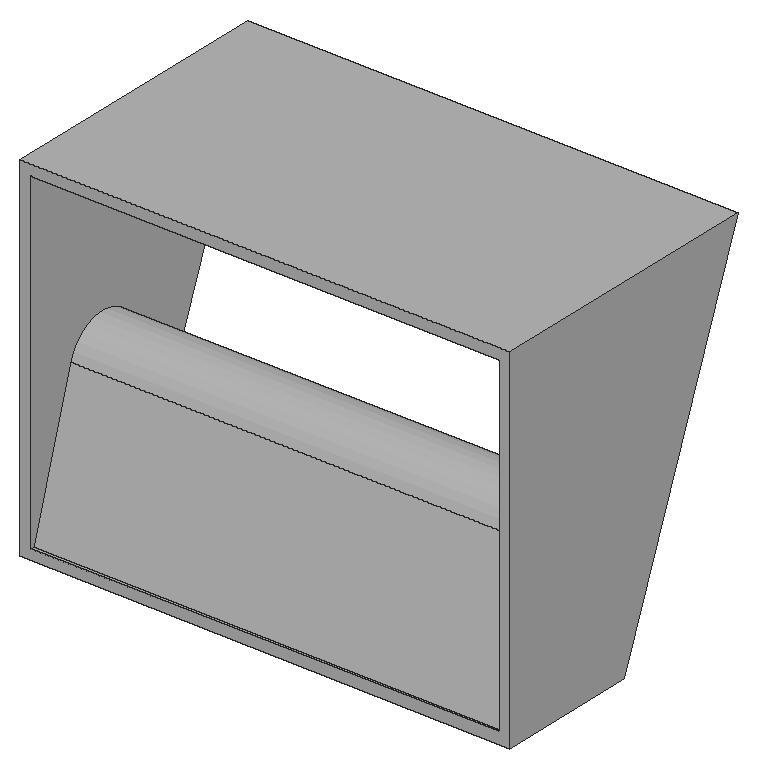
Revit family "3039980 Lighting Fixture_Sylvania_Lumina Pulse LED_Wall Mounted", category Lighting Fixtures, host Face, Revit 2017
Family settings
  Host = Face
  Round Connector Dimension = Use Diameter
  Part Type = Normal
  OmniClass Number = 23.80.70.11.17
  OmniClass Title = Specialized Lighting by Location or Use
  Cut with Voids When Loaded = No
  Light Source = Yes
  Shared = No
  Room Calculation Point = No
Parameters (values of type "Lumina Pulse LED 2700K")
  Width = 100.0 mm
  Wattage = 6 W
  built-in parameter 1150110 = 1 (stored number, unit not read)
  Voltage Comments = "UNV (Universal Voltage; 100-240 Volt)"  # constant formula
  Voltage = 240 V  # constant formula
  URL = "http://www.sylvania-lighting.com"
  built-in parameter 1114217 = 1 (stored number, unit not read)
  Tilt Angle = 90.00°
  built-in parameter 1150109 = 1 (stored number, unit not read)
  built-in parameter 1150134 = (empty or 0)
  built-in parameter 1150113 = 1 (stored number, unit not read)
  Product Page URL = "http://www.sylvania-lighting.com/product/en-int/products/3039980"
  Product Family = "Lumina LED"  # constant formula
  Photometry Comments = ""
  Photometric Web File = "3039980_LuminaPulseLED2700K-183024.ies"
  built-in parameter 1150105 = 24.828 (stored number, unit not read)
  Lumens = 312 lm
  built-in parameter 1150115 = 1 (stored number, unit not read)
  built-in parameter 1150137 = (empty or 0)
  built-in parameter 1150139 = (empty or 0)
  Light Distribution = "Direct/Indirect"  # constant formula
  Life = "30 000h"  # constant formula
  Length = 138.0 mm
  built-in parameter 1150112 = 1 (stored number, unit not read)
  built-in parameter 1150114 = 1 (stored number, unit not read)
  built-in parameter 1150132 = 2
  built-in parameter 1150102 = (empty or 0)
  built-in parameter 1150107 = 2700 (stored number, unit not read)
  built-in parameter 1150138 = (empty or 0)
  built-in parameter 1150106 = 0.24828 (stored number, unit not read)
  IP Rating = "IP20"  # constant formula
  Height = 80.0 mm
  Energy Class = "A++, A+, A"  # constant formula
  Emit from Circle Diameter = 7.0 mm  # constant formula
  Emit Shape Visible in Rendering = no
  Electrical Protection = "Class II"  # constant formula
  built-in parameter 1150104 = 4.831 (stored number, unit not read)
  Drive Current = "500mA"  # constant formula
  Dimming Lamp Color Temperature Shift = <None>
  Color Filter = 16777215
  built-in parameter 1114218 = 1 (stored number, unit not read)
  built-in parameter 1150133 = 10 (stored number, unit not read)
  built-in parameter 1114216 [instance] = 1 (stored number, unit not read)
  Body Material = Aluminum_Sylvania_Pulse LED_White_RAL 9016
  Model = "3039980 Lumina Pulse LED 2700K"
  Manufacturer = "Feilo Sylvania"  # constant formula
  Lamp = "LED"
  Accessory Material = Aluminum_Sylvania_Pulse LED_White_RAL 9016
  Description = "Lumina LED is a new range of ambient & decorative LED wall lights. Consisting of multiple decorative styles, they are suitable for use in any hospitality or residential application such as reception areas, hallways and lounge spaces. Lumina LED offers a selection of different styles to suit multiple applications. With a 2,700K colour temperature it provides a soft and ambient lighting effect. Lumina LED provides direct/indirect ambient light with an efficacy of up to 87lm/W; up to 50% more energy efficient than equivalent products using traditional lamp sources."  # constant formula
  Default Elevation = 0.0 mm
  built-in parameter 1140040 [instance] = 1
  Assembly Code = "D5020200"
  Apparent Load Comments = ""
  Apparent Load = 6 VA
Reference planes
  plane 1 "Center (Front/Back)": y = 0
  plane 2 "Fixture Back": z = 0
  plane 3 "Center (Left/Right)": x = 0
  plane 4 "Fixture Right": x = 69
  plane 5 "Fixture Left": x = -69
  plane 6 "Fixture Front": z = 100
  plane 7 "Fixture Top": y = 40
  plane 8 "Fixture Bottom": y = -40
  plane 9: x = -66
  plane 10: x = 66
  plane 11 "Light Source": z = 97
  plane 12: z = 3
  plane 13: y = -39
  plane 14: y = -2
Forms (mm)
  Extrusion 1, solid, material "Aluminum_Sylvania_Pulse LED_White_RAL 9016" <- "Accessory Material"
    sketch origin (0, 0, 0) x (1, 0, 0) y (0, 0, 1)
      loop
        line (-69, 100) -> (-69, 0) -> (69, 0) -> (69, 100) -> (-69, 100)
      loop
        line (66, 97) -> (-66, 97) -> (-66, 3) -> (66, 3) -> (66, 97)
    from -40 to 40
  Extrusion 2, solid, material "Aluminum_Sylvania_Pulse LED_White_RAL 9016" <- "Body Material"
    sketch origin (0, 0, 0) x (0, 1, 0) y (0, 0, 1)
      loop
        line (-39, 3) -> (-2, 3) -> (-3.789, 43.968)
        arc (-3.789, 43.968) -> (-14.936, 52.142) -> (-26.083, 43.968) r 11.688
        line (-26.083, 43.968) -> (-39, 3)
      loop
        arc (-5.775, 43.605) -> (-15.061, 50.141) -> (-24.175, 43.367) r 9.688
        line (-24.175, 43.367) -> (-36.272, 5) -> (-4.089, 5) -> (-5.775, 43.605)
    from -66 to 66
  Extrusion 3, void
    sketch origin (0, 0, 0) x (0, 1, 0) y (0, 0, 1)
      loop
        line (40, 100) -> (0, 0) -> (50, 0) -> (50, 100) -> (40, 100)
    from -69 to 69
Cuts and joins
  Extrusion 3 cuts Extrusion 1
Dimensions and locks
  equal spacing: plane 4 "Fixture Right", plane 3 "Center (Left/Right)", plane 5 "Fixture Left"
  "Length": plane 4 "Fixture Right" to plane 5 "Fixture Left"
  plane 6 "Fixture Front" to plane 2 "Fixture Back" = 100.0 mm
  "Width": plane 6 "Fixture Front" to plane 2 "Fixture Back"
  equal spacing: plane 7 "Fixture Top", plane 1 "Center (Front/Back)", plane 8 "Fixture Bottom"
  "Height": plane 7 "Fixture Top" to plane 8 "Fixture Bottom"
  locked: plane 12 to plane 2 "Fixture Back" at 3
  locked: plane 6 "Fixture Front" to plane 11 "Light Source" at 3
  locked: plane 9 to plane 5 "Fixture Left" at 3
  locked: plane 4 "Fixture Right" to plane 10 at 3
  locked: Extrusion 3 sketch curve to plane 7 "Fixture Top" at 10
  locked: plane 1 "Center (Front/Back)" to plane 14 at 2
  locked: plane 13 to plane 8 "Fixture Bottom" at 1
  aligned and locked: level to host face
  aligned and locked: level to plane 2 "Fixture Back"
  aligned and locked: Extrusion 2 to plane 9
  aligned and locked: plane 10 to Extrusion 2
  aligned and locked: Extrusion 1 sketch curve to plane 6 "Fixture Front"
  aligned and locked: plane 5 "Fixture Left" to Extrusion 1 sketch curve
  aligned and locked: level to Extrusion 1 sketch curve
  aligned and locked: Extrusion 1 sketch curve to plane 4 "Fixture Right"
  aligned and locked: Extrusion 1 sketch curve to plane 11 "Light Source"
  aligned and locked: plane 10 to Extrusion 1 sketch curve
  aligned and locked: Extrusion 1 sketch curve to Extrusion 2
  aligned and locked: plane 8 "Fixture Bottom" to Extrusion 1
  aligned and locked: Extrusion 1 to plane 7 "Fixture Top"
  aligned and locked: imposter light to plane 11 "Light Source"
  aligned and locked: imposter light to plane 1 "Center (Front/Back)"
  aligned and locked: imposter light to plane 3 "Center (Left/Right)"
  aligned and locked: plane 6 "Fixture Front" to Extrusion 3 sketch curve
  aligned and locked: Extrusion 3 sketch curve to plane 2 "Fixture Back"
  aligned and locked: Extrusion 3 to plane 5 "Fixture Left"
  aligned and locked: plane 4 "Fixture Right" to Extrusion 3
  aligned and locked: plane 12 to Extrusion 2 sketch curve  (x2)
  aligned and locked: plane 13 to Extrusion 2 sketch curve
  aligned and locked: plane 14 to Extrusion 2 sketch curve
Automatic sketch dimensions
  host sketch curve to host sketch curve = 1548.75 mm
  host sketch curve to host sketch curve = 1415.87 mm
  Extrusion 3 sketch curve to plane 7 "Fixture Top" = 0.0 mm
  Extrusion 3 sketch curve to plane 1 "Center (Front/Back)" = 0.0 mm
  plane 12 to Extrusion 2 sketch curve = 40.968 mm
  Extrusion 2 sketch curve to plane 14 = 1.789 mm
  Extrusion 2 sketch curve to Extrusion 2 sketch curve = 11.147 mm
  Extrusion 2 sketch curve to Extrusion 2 sketch curve = 3.515 mm
  Extrusion 2 sketch curve to Extrusion 2 sketch curve = 0.0 mm  (x2)
  Extrusion 2 sketch curve to Extrusion 2 sketch curve = 1.986 mm
  Extrusion 2 sketch curve to Extrusion 2 sketch curve = 1.907 mm
  Extrusion 2 sketch curve to Extrusion 2 sketch curve = 0.601 mm
  plane 13 to Extrusion 2 sketch curve = 2.728 mm
  plane 12 to Extrusion 2 sketch curve = 2.0 mm
  Extrusion 2 sketch curve to plane 14 = 2.089 mm
  Extrusion 2 sketch curve to Extrusion 2 sketch curve = 0.363 mm
  Extrusion 1 sketch curve to plane 12 = 0.0 mm
Connectors
  electrical at (0, -20, 0), driven by "Voltage", driven by "Apparent Load"
    settings: on cut or joined group of Extrusion 1, Extrusion 3, index 1, voltage 240 V, apparent load 0 VA, apparent load phase1 6 VA, apparent load phase2 0 VA, apparent load phase3 0 VA, power factor 1, load classification "Lighting", number of poles 1, system type 31, power factor state 1, is connector primary yes, connector utility no, sub classification motor no, connector description ""
